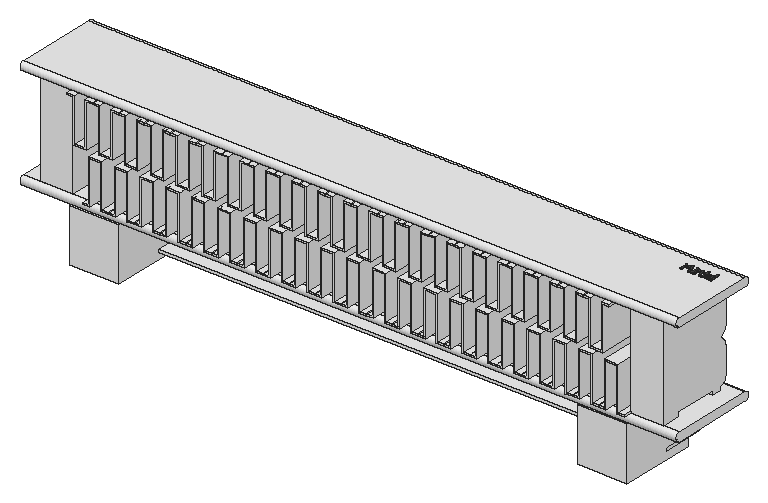
Revit family "Runtal-R2F-1", category Mechanical Equipment, host Face, Revit 2026 (continued)
Definition of nested family "Family Grilles"
  Automatic sketch dimensions
    radius of curve 30 = 1.270 mm
    radius of curve 31 = 1.270 mm
    radius of curve 32 = 1.270 mm
    radius of curve 33 = 1.270 mm
    radius of curve 34 = 1.270 mm
    radius of curve 35 = 1.270 mm
    radius of curve 36 = 1.270 mm
    radius of curve 37 = 1.270 mm
    radius of curve 38 = 1.270 mm
    radius of curve 39 = 1.270 mm
    radius of curve 40 = 1.270 mm
    radius of curve 41 = 1.270 mm
    radius of curve 42 = 1.270 mm
    radius of curve 43 = 1.270 mm
    radius of curve 44 = 1.270 mm
    radius of curve 45 = 1.270 mm
    radius of curve 46 = 1.270 mm
    radius of curve 47 = 1.270 mm
    radius of curve 48 = 1.270 mm
    radius of curve 49 = 1.270 mm
    radius of curve 50 = 1.270 mm
    radius of curve 51 = 1.270 mm
    radius of curve 52 = 1.270 mm
    radius of curve 53 = 1.270 mm
    radius of curve 54 = 1.270 mm
    radius of curve 55 = 1.270 mm
    radius of curve 56 = 1.270 mm
    radius of curve 57 = 1.270 mm
    radius of curve 58 = 1.270 mm
    radius of curve 59 = 1.270 mm
    radius of curve 60 = 1.270 mm
    radius of curve 61 = 1.270 mm
    radius of curve 62 = 1.270 mm
    radius of curve 63 = 1.270 mm
    radius of curve 64 = 1.270 mm
    radius of curve 65 = 1.270 mm
    radius of curve 66 = 1.270 mm
    radius of curve 67 = 1.270 mm
    radius of curve 68 = 1.270 mm
    radius of curve 69 = 1.270 mm
    radius of curve 70 = 1.270 mm
    radius of curve 71 = 1.270 mm
    radius of curve 72 = 1.270 mm
    radius of curve 73 = 1.270 mm
    radius of curve 74 = 1.270 mm
    radius of curve 75 = 1.270 mm
    radius of curve 76 = 1.270 mm
    radius of curve 77 = 1.270 mm
    radius of curve 78 = 1.270 mm
    radius of curve 79 = 1.270 mm
    radius of curve 80 = 1.270 mm
    radius of curve 81 = 1.270 mm
    radius of curve 82 = 1.270 mm
    radius of curve 83 = 1.270 mm
    radius of curve 84 = 1.270 mm
    radius of curve 85 = 1.270 mm
    radius of curve 86 = 1.270 mm
    radius of curve 87 = 1.270 mm
    radius of curve 88 = 1.270 mm
    radius of curve 89 = 1.270 mm
    radius of curve 90 = 1.270 mm
    radius of curve 91 = 1.270 mm
    radius of curve 92 = 1.270 mm
    radius of curve 93 = 1.270 mm
    radius of curve 94 = 1.270 mm
    radius of curve 95 = 1.270 mm
    radius of curve 96 = 1.270 mm
    radius of curve 97 = 1.270 mm
    radius of curve 98 = 1.270 mm
    radius of curve 99 = 1.270 mm
    radius of curve 100 = 1.270 mm
    radius of curve 101 = 1.270 mm
    radius of curve 102 = 1.270 mm
    radius of curve 103 = 1.270 mm
    radius of curve 104 = 1.270 mm
    radius of curve 105 = 1.270 mm
    radius of curve 106 = 1.270 mm
    radius of curve 107 = 1.270 mm
    radius of curve 108 = 1.270 mm
    radius of curve 109 = 1.270 mm
    radius of curve 110 = 1.270 mm
    radius of curve 111 = 1.270 mm
    radius of curve 112 = 1.270 mm
    radius of curve 113 = 1.270 mm
    radius of curve 114 = 1.270 mm
    radius of curve 115 = 1.270 mm
    radius of curve 116 = 1.270 mm
    radius of curve 117 = 1.270 mm
    radius of curve 118 = 1.270 mm
    radius of curve 119 = 1.270 mm
    radius of curve 120 = 1.270 mm
    radius of curve 121 = 1.270 mm
    radius of curve 122 = 1.270 mm
    radius of curve 123 = 1.270 mm
    radius of curve 124 = 1.270 mm
    radius of curve 125 = 1.270 mm
    radius of curve 126 = 1.270 mm
    radius of curve 127 = 1.270 mm
    radius of curve 128 = 1.270 mm
    radius of curve 129 = 1.270 mm
    radius of curve 130 = 1.270 mm
    radius of curve 131 = 1.270 mm
    radius of curve 132 = 1.270 mm
    radius of curve 133 = 1.270 mm
    radius of curve 134 = 1.270 mm
    radius of curve 135 = 1.270 mm
    radius of curve 136 = 1.270 mm
    radius of curve 137 = 1.270 mm
    radius of curve 138 = 1.270 mm
    radius of curve 139 = 1.270 mm
    radius of curve 140 = 1.270 mm
    radius of curve 141 = 1.270 mm
    radius of curve 142 = 1.270 mm
    radius of curve 143 = 1.270 mm
    radius of curve 144 = 1.270 mm
    radius of curve 145 = 1.270 mm
    radius of curve 146 = 1.270 mm
    radius of curve 147 = 1.270 mm
    radius of curve 148 = 1.270 mm
    radius of curve 149 = 1.270 mm
    radius of curve 150 = 1.270 mm
    radius of curve 151 = 1.270 mm
    radius of curve 152 = 1.270 mm
    radius of curve 153 = 1.270 mm
    radius of curve 154 = 1.270 mm
    radius of curve 155 = 1.270 mm
    radius of curve 156 = 1.270 mm
    radius of curve 157 = 1.270 mm
    radius of curve 158 = 1.270 mm
    radius of curve 159 = 1.270 mm
    radius of curve 160 = 1.270 mm
    radius of curve 161 = 1.270 mm
    radius of curve 162 = 1.270 mm
    radius of curve 163 = 1.270 mm
    radius of curve 164 = 1.270 mm
    radius of curve 165 = 1.270 mm
    radius of curve 166 = 1.270 mm
    radius of curve 167 = 1.270 mm
    radius of curve 168 = 1.270 mm
    radius of curve 169 = 1.270 mm
    radius of curve 170 = 1.270 mm
    radius of curve 171 = 1.270 mm
    radius of curve 172 = 1.270 mm
    radius of curve 173 = 1.270 mm
    radius of curve 174 = 1.270 mm
    radius of curve 175 = 1.270 mm
    radius of curve 176 = 1.270 mm
    radius of curve 177 = 1.270 mm
    radius of curve 178 = 1.270 mm
    radius of curve 179 = 1.270 mm
    radius of curve 180 = 1.270 mm
    radius of curve 181 = 1.270 mm
    radius of curve 182 = 1.270 mm
    radius of curve 183 = 1.270 mm
    radius of curve 184 = 1.270 mm
    radius of curve 185 = 1.270 mm
    radius of curve 186 = 1.270 mm
    radius of curve 187 = 1.270 mm
    radius of curve 188 = 1.270 mm
    radius of curve 189 = 1.270 mm
    radius of curve 190 = 1.270 mm
    radius of curve 191 = 1.270 mm
    radius of curve 192 = 1.270 mm
    radius of curve 193 = 1.270 mm
    radius of curve 194 = 1.270 mm
    radius of curve 195 = 1.270 mm
    radius of curve 196 = 1.270 mm
    radius of curve 197 = 1.270 mm
    radius of curve 198 = 1.270 mm
    radius of curve 199 = 1.270 mm
    radius of curve 200 = 1.270 mm
    radius of curve 201 = 1.270 mm
    radius of curve 202 = 1.270 mm
    radius of curve 203 = 1.270 mm
    radius of curve 204 = 1.270 mm
    radius of curve 205 = 1.270 mm
    radius of curve 206 = 1.270 mm
    radius of curve 207 = 1.270 mm
    radius of curve 208 = 1.270 mm
    radius of curve 209 = 1.270 mm
    radius of curve 210 = 1.270 mm
    radius of curve 211 = 1.270 mm
    radius of curve 212 = 1.270 mm
    radius of curve 213 = 1.270 mm
    radius of curve 214 = 1.270 mm
    radius of curve 215 = 1.270 mm
    radius of curve 216 = 1.270 mm
    radius of curve 217 = 1.270 mm
    radius of curve 218 = 1.270 mm
    radius of curve 219 = 1.270 mm
    radius of curve 220 = 1.270 mm
    radius of curve 221 = 1.270 mm
    radius of curve 222 = 1.270 mm
    radius of curve 223 = 1.270 mm
    radius of curve 224 = 1.270 mm
    radius of curve 225 = 1.270 mm
    radius of curve 226 = 1.270 mm
    radius of curve 227 = 1.270 mm
    radius of curve 228 = 1.270 mm
    radius of curve 229 = 1.270 mm
    radius of curve 230 = 1.270 mm
    radius of curve 231 = 1.270 mm
    radius of curve 232 = 1.270 mm
    radius of curve 233 = 1.270 mm
    radius of curve 234 = 1.270 mm
    radius of curve 235 = 1.270 mm
    radius of curve 236 = 1.270 mm
    radius of curve 237 = 1.270 mm
    radius of curve 238 = 1.270 mm
    radius of curve 239 = 1.270 mm
    radius of curve 240 = 1.270 mm
    radius of curve 241 = 1.270 mm
    radius of curve 242 = 1.270 mm
    radius of curve 243 = 1.270 mm
    radius of curve 244 = 1.270 mm
    radius of curve 245 = 1.270 mm
    radius of curve 246 = 1.270 mm
    radius of curve 247 = 1.270 mm
    radius of curve 248 = 1.270 mm
    radius of curve 249 = 1.270 mm
    radius of curve 250 = 1.270 mm
    radius of curve 251 = 1.270 mm
    radius of curve 252 = 1.270 mm
    radius of curve 253 = 1.270 mm
    radius of curve 254 = 1.270 mm
    radius of curve 255 = 1.270 mm
    radius of curve 256 = 1.270 mm
    radius of curve 257 = 1.270 mm
    radius of curve 258 = 1.270 mm
    radius of curve 259 = 1.270 mm
    radius of curve 260 = 1.270 mm
    radius of curve 261 = 1.270 mm
    radius of curve 262 = 1.270 mm
    radius of curve 263 = 1.270 mm
    radius of curve 264 = 1.270 mm
    radius of curve 265 = 1.270 mm
    radius of curve 266 = 1.270 mm
    radius of curve 267 = 1.270 mm
    radius of curve 268 = 1.270 mm
    radius of curve 269 = 1.270 mm
    radius of curve 270 = 1.270 mm
    radius of curve 271 = 1.270 mm
    radius of curve 272 = 1.270 mm
    radius of curve 273 = 1.270 mm
    radius of curve 274 = 1.270 mm
    radius of curve 275 = 1.270 mm
    radius of curve 276 = 1.270 mm
    radius of curve 277 = 1.270 mm
    radius of curve 278 = 1.270 mm
    radius of curve 279 = 1.270 mm
    radius of curve 280 = 1.270 mm
    radius of curve 281 = 1.270 mm
    radius of curve 282 = 1.270 mm
    radius of curve 283 = 1.270 mm
    radius of curve 284 = 1.270 mm
    radius of curve 285 = 1.270 mm
    radius of curve 286 = 1.270 mm
    radius of curve 287 = 1.270 mm
    radius of curve 288 = 1.270 mm
    radius of curve 289 = 1.270 mm
    radius of curve 290 = 1.270 mm
    radius of curve 291 = 1.270 mm
    radius of curve 292 = 1.270 mm
    radius of curve 293 = 1.270 mm
    radius of curve 294 = 1.270 mm
    radius of curve 295 = 1.270 mm
    radius of curve 296 = 1.270 mm
    radius of curve 297 = 1.270 mm
    radius of curve 298 = 1.270 mm
    radius of curve 299 = 1.270 mm
    radius of curve 300 = 1.270 mm
    radius of curve 301 = 1.270 mm
    radius of curve 302 = 1.270 mm
    radius of curve 303 = 1.270 mm
    radius of curve 304 = 1.270 mm
    radius of curve 305 = 1.270 mm
    radius of curve 306 = 1.270 mm
    radius of curve 307 = 1.270 mm
    radius of curve 308 = 1.270 mm
    radius of curve 309 = 1.270 mm
    radius of curve 310 = 1.270 mm
    radius of curve 311 = 1.270 mm
    radius of curve 312 = 1.270 mm
    radius of curve 313 = 1.270 mm
    radius of curve 314 = 1.270 mm
    radius of curve 315 = 1.270 mm
    radius of curve 316 = 1.270 mm
    radius of curve 317 = 1.270 mm
    radius of curve 318 = 1.270 mm
    radius of curve 319 = 1.270 mm
    radius of curve 320 = 1.270 mm
    radius of curve 321 = 1.270 mm
    radius of curve 322 = 1.270 mm
    radius of curve 323 = 1.270 mm
    radius of curve 324 = 1.270 mm
    radius of curve 325 = 1.270 mm
    radius of curve 326 = 1.270 mm
    radius of curve 327 = 1.270 mm
    radius of curve 328 = 1.270 mm
    radius of curve 329 = 1.270 mm
    radius of curve 330 = 1.270 mm
    radius of curve 331 = 1.270 mm
    radius of curve 332 = 1.270 mm
    radius of curve 333 = 1.270 mm
    radius of curve 334 = 1.270 mm
    radius of curve 335 = 1.270 mm
    radius of curve 336 = 1.270 mm
    radius of curve 337 = 1.270 mm
    radius of curve 338 = 1.270 mm
    radius of curve 339 = 1.270 mm
    radius of curve 340 = 1.270 mm
    radius of curve 341 = 1.270 mm
    radius of curve 342 = 1.270 mm
    radius of curve 343 = 1.270 mm
    radius of curve 344 = 1.270 mm
    radius of curve 345 = 1.270 mm
    radius of curve 346 = 1.270 mm
    radius of curve 347 = 1.270 mm
    radius of curve 348 = 1.270 mm
    radius of curve 349 = 1.270 mm
    radius of curve 350 = 1.270 mm
    radius of curve 351 = 1.270 mm
    radius of curve 352 = 1.270 mm
    radius of curve 353 = 1.270 mm
    radius of curve 354 = 1.270 mm
    radius of curve 355 = 1.270 mm
    radius of curve 356 = 1.270 mm
    radius of curve 357 = 1.270 mm
    radius of curve 358 = 1.270 mm
    radius of curve 359 = 1.270 mm
    radius of curve 360 = 1.270 mm
    radius of curve 361 = 1.270 mm
    radius of curve 362 = 1.270 mm
    radius of curve 363 = 1.270 mm
    radius of curve 364 = 1.270 mm
    radius of curve 365 = 1.270 mm
    radius of curve 366 = 1.270 mm
    radius of curve 367 = 1.270 mm
    radius of curve 368 = 1.270 mm
    radius of curve 369 = 1.270 mm
    radius of curve 370 = 1.270 mm
    radius of curve 371 = 1.270 mm
    radius of curve 372 = 1.270 mm
    radius of curve 373 = 1.270 mm
    radius of curve 374 = 1.270 mm
    radius of curve 375 = 1.270 mm
    radius of curve 376 = 1.270 mm
    radius of curve 377 = 1.270 mm
    radius of curve 378 = 1.270 mm
    radius of curve 379 = 1.270 mm
    radius of curve 380 = 1.270 mm
    radius of curve 381 = 1.270 mm
    radius of curve 382 = 1.270 mm
    radius of curve 383 = 1.270 mm
    radius of curve 384 = 1.270 mm
    radius of curve 385 = 1.270 mm
    radius of curve 386 = 1.270 mm
    radius of curve 387 = 1.270 mm
    radius of curve 388 = 1.270 mm
    radius of curve 389 = 1.270 mm
    radius of curve 390 = 1.270 mm
    radius of curve 391 = 1.270 mm
    radius of curve 392 = 1.270 mm
    radius of curve 393 = 1.270 mm
    radius of curve 394 = 1.270 mm
    radius of curve 395 = 1.270 mm
    radius of curve 396 = 1.270 mm
    radius of curve 397 = 1.270 mm
    radius of curve 398 = 1.270 mm
    radius of curve 399 = 1.270 mm
    radius of curve 400 = 1.270 mm
    radius of curve 401 = 1.270 mm
    radius of curve 402 = 1.270 mm
    radius of curve 403 = 1.270 mm
    radius of curve 404 = 1.270 mm
    radius of curve 405 = 1.270 mm
    radius of curve 406 = 1.270 mm
    radius of curve 407 = 1.270 mm
    radius of curve 408 = 1.270 mm
    radius of curve 409 = 1.270 mm
    radius of curve 410 = 1.270 mm
    radius of curve 411 = 1.270 mm
    radius of curve 412 = 1.270 mm
    radius of curve 413 = 1.270 mm
    radius of curve 414 = 1.270 mm
    radius of curve 415 = 1.270 mm
    radius of curve 416 = 1.270 mm
    radius of curve 417 = 1.270 mm
    radius of curve 418 = 1.270 mm
    radius of curve 419 = 1.270 mm
    radius of curve 420 = 1.270 mm
    radius of curve 421 = 1.270 mm
    radius of curve 422 = 1.270 mm
    radius of curve 423 = 1.270 mm
    radius of curve 424 = 1.270 mm
    radius of curve 425 = 1.270 mm
    radius of curve 426 = 1.270 mm
    radius of curve 427 = 1.270 mm
    radius of curve 428 = 1.270 mm
    radius of curve 429 = 1.270 mm
    radius of curve 430 = 1.270 mm
    radius of curve 431 = 1.270 mm
    radius of curve 432 = 1.270 mm
    radius of curve 433 = 1.270 mm
    radius of curve 434 = 1.270 mm
    radius of curve 435 = 1.270 mm
    radius of curve 436 = 1.270 mm
    radius of curve 437 = 1.270 mm
    radius of curve 438 = 1.270 mm
    radius of curve 439 = 1.270 mm
    radius of curve 440 = 1.270 mm
    radius of curve 441 = 1.270 mm
    radius of curve 442 = 1.270 mm
    radius of curve 443 = 1.270 mm
    radius of curve 444 = 1.270 mm
    radius of curve 445 = 1.270 mm
    radius of curve 446 = 1.270 mm
    radius of curve 447 = 1.270 mm
    radius of curve 448 = 1.270 mm
    radius of curve 449 = 1.270 mm
    radius of curve 450 = 1.270 mm
    radius of curve 451 = 1.270 mm
    radius of curve 452 = 1.270 mm
    radius of curve 453 = 1.270 mm
    radius of curve 454 = 1.270 mm
    radius of curve 455 = 1.270 mm
    radius of curve 456 = 1.270 mm
    radius of curve 457 = 1.270 mm
    radius of curve 458 = 1.270 mm
    radius of curve 459 = 1.270 mm
    radius of curve 460 = 1.270 mm
    radius of curve 461 = 1.270 mm
    radius of curve 462 = 1.270 mm
    radius of curve 463 = 1.270 mm
    radius of curve 464 = 1.270 mm
    radius of curve 465 = 1.270 mm
    radius of curve 466 = 1.270 mm
    radius of curve 467 = 1.270 mm
    radius of curve 468 = 1.270 mm
    radius of curve 469 = 1.270 mm
    radius of curve 470 = 1.270 mm
    radius of curve 471 = 1.270 mm
    radius of curve 472 = 1.270 mm
    radius of curve 473 = 1.270 mm
    radius of curve 474 = 1.270 mm
    radius of curve 475 = 1.270 mm
    radius of curve 476 = 1.270 mm
    radius of curve 477 = 1.270 mm
    radius of curve 478 = 1.270 mm
    radius of curve 479 = 1.270 mm
    radius of curve 480 = 1.270 mm
    radius of curve 481 = 1.270 mm
    radius of curve 482 = 1.270 mm
    radius of curve 483 = 1.270 mm
    radius of curve 484 = 1.270 mm
    radius of curve 485 = 1.270 mm
    radius of curve 486 = 1.270 mm
    radius of curve 487 = 1.270 mm
    radius of curve 488 = 1.270 mm
    radius of curve 489 = 1.270 mm
    radius of curve 490 = 1.270 mm
    radius of curve 491 = 1.270 mm
    radius of curve 492 = 1.270 mm
    radius of curve 493 = 1.270 mm
    radius of curve 494 = 1.270 mm
    radius of curve 495 = 1.270 mm
    radius of curve 496 = 1.270 mm
    radius of curve 497 = 1.270 mm
    radius of curve 498 = 1.270 mm
    radius of curve 499 = 1.270 mm
    radius of curve 500 = 1.270 mm
    radius of curve 501 = 1.270 mm
    radius of curve 502 = 1.270 mm
    radius of curve 503 = 1.270 mm
    radius of curve 504 = 1.270 mm
    radius of curve 505 = 1.270 mm
    radius of curve 506 = 1.270 mm
    radius of curve 507 = 1.270 mm
    radius of curve 508 = 1.270 mm
    radius of curve 509 = 1.270 mm
    radius of curve 510 = 1.270 mm
    radius of curve 511 = 1.270 mm
    radius of curve 512 = 1.270 mm
    radius of curve 513 = 1.270 mm
Definition of nested family "Family Back Grilles"
  Parameters
    finLength = 431.800 mm
    Right# = ((finLength - 10.160 mm) / (5.080 mm)) + 1  # 84
    Left# = ((finLength - 7.620 mm) / (5.080 mm)) + 1  # 85
    Default Elevation = 1219.200 mm
  Reference planes
    plane 1 "Center (Front/Back)": y = 0
    plane 2: z = 0
    plane 3 "Center (Left/Right)": x = 0
    plane 4: x = 431.8
  Forms (mm)
    Extrusion 1, solid
      sketch origin (0, 0, 0) x (1, 0, 0) y (0, 1, 0)
        loop
          line (-1219.2, 1219.2) -> (-1219.2, -1219.2) -> (1219.2, -1219.2) -> (1219.2, 1219.2) -> (-1219.2, 1219.2)
      from 0 to -304.8
  Lines and regions (mm)
    model lines
      curve 1: circle (2.54, 5.715, 0) r 1.27 normal (0, 0, 1)
      curve 2: circle (5.08, 1.27, 0) r 1.27 normal (0, 0, 1)
      curve 5: circle (7.62, 5.715, 0) r 1.27 normal (0, 0, 1)
      curve 6: circle (10.16, 1.27, 0) r 1.27 normal (0, 0, 1)
      curve 7: circle (15.24, 1.27, 0) r 1.27 normal (0, 0, 1)
      curve 8: circle (20.32, 1.27, 0) r 1.27 normal (0, 0, 1)
      curve 9: circle (12.7, 5.715, 0) r 1.27 normal (0, 0, 1)
      curve 10: circle (17.78, 5.715, 0) r 1.27 normal (0, 0, 1)
      curve 11: circle (22.86, 5.715, 0) r 1.27 normal (0, 0, 1)
      curve 12: circle (27.94, 5.715, 0) r 1.27 normal (0, 0, 1)
      curve 13: circle (33.02, 5.715, 0) r 1.27 normal (0, 0, 1)
      curve 14: circle (38.1, 5.715, 0) r 1.27 normal (0, 0, 1)
      curve 15: circle (43.18, 5.715, 0) r 1.27 normal (0, 0, 1)
      curve 16: circle (48.26, 5.715, 0) r 1.27 normal (0, 0, 1)
      curve 17: circle (53.34, 5.715, 0) r 1.27 normal (0, 0, 1)
      curve 18: circle (58.42, 5.715, 0) r 1.27 normal (0, 0, 1)
      curve 19: circle (63.5, 5.715, 0) r 1.27 normal (0, 0, 1)
      curve 20: circle (68.58, 5.715, 0) r 1.27 normal (0, 0, 1)
      curve 21: circle (73.66, 5.715, 0) r 1.27 normal (0, 0, 1)
      curve 22: circle (78.74, 5.715, 0) r 1.27 normal (0, 0, 1)
      curve 23: circle (83.82, 5.715, 0) r 1.27 normal (0, 0, 1)
      curve 24: circle (88.9, 5.715, 0) r 1.27 normal (0, 0, 1)
      curve 25: circle (93.98, 5.715, 0) r 1.27 normal (0, 0, 1)
      curve 26: circle (99.06, 5.715, 0) r 1.27 normal (0, 0, 1)
      curve 27: circle (104.14, 5.715, 0) r 1.27 normal (0, 0, 1)
      curve 28: circle (109.22, 5.715, 0) r 1.27 normal (0, 0, 1)
      curve 29: circle (114.3, 5.715, 0) r 1.27 normal (0, 0, 1)
      curve 30: circle (119.38, 5.715, 0) r 1.27 normal (0, 0, 1)
      curve 31: circle (124.46, 5.715, 0) r 1.27 normal (0, 0, 1)
      curve 32: circle (129.54, 5.715, 0) r 1.27 normal (0, 0, 1)
      curve 33: circle (134.62, 5.715, 0) r 1.27 normal (0, 0, 1)
      curve 34: circle (139.7, 5.715, 0) r 1.27 normal (0, 0, 1)
      curve 35: circle (144.78, 5.715, 0) r 1.27 normal (0, 0, 1)
      curve 36: circle (149.86, 5.715, 0) r 1.27 normal (0, 0, 1)
      curve 37: circle (154.94, 5.715, 0) r 1.27 normal (0, 0, 1)
      curve 38: circle (160.02, 5.715, 0) r 1.27 normal (0, 0, 1)
      curve 39: circle (165.1, 5.715, 0) r 1.27 normal (0, 0, 1)
      curve 40: circle (170.18, 5.715, 0) r 1.27 normal (0, 0, 1)
      curve 41: circle (175.26, 5.715, 0) r 1.27 normal (0, 0, 1)
      curve 42: circle (180.34, 5.715, 0) r 1.27 normal (0, 0, 1)
      curve 43: circle (185.42, 5.715, 0) r 1.27 normal (0, 0, 1)
      curve 44: circle (190.5, 5.715, 0) r 1.27 normal (0, 0, 1)
      curve 45: circle (195.58, 5.715, 0) r 1.27 normal (0, 0, 1)
      curve 46: circle (200.66, 5.715, 0) r 1.27 normal (0, 0, 1)
      curve 47: circle (205.74, 5.715, 0) r 1.27 normal (0, 0, 1)
      curve 48: circle (210.82, 5.715, 0) r 1.27 normal (0, 0, 1)
      curve 49: circle (215.9, 5.715, 0) r 1.27 normal (0, 0, 1)
      curve 50: circle (220.98, 5.715, 0) r 1.27 normal (0, 0, 1)
      curve 51: circle (226.06, 5.715, 0) r 1.27 normal (0, 0, 1)
      curve 52: circle (231.14, 5.715, 0) r 1.27 normal (0, 0, 1)
      curve 53: circle (236.22, 5.715, 0) r 1.27 normal (0, 0, 1)
      curve 54: circle (241.3, 5.715, 0) r 1.27 normal (0, 0, 1)
      curve 55: circle (246.38, 5.715, 0) r 1.27 normal (0, 0, 1)
      curve 56: circle (251.46, 5.715, 0) r 1.27 normal (0, 0, 1)
      curve 57: circle (256.54, 5.715, 0) r 1.27 normal (0, 0, 1)
      curve 58: circle (261.62, 5.715, 0) r 1.27 normal (0, 0, 1)
      curve 59: circle (266.7, 5.715, 0) r 1.27 normal (0, 0, 1)
      curve 60: circle (271.78, 5.715, 0) r 1.27 normal (0, 0, 1)
      curve 61: circle (276.86, 5.715, 0) r 1.27 normal (0, 0, 1)
      curve 62: circle (281.94, 5.715, 0) r 1.27 normal (0, 0, 1)
      curve 63: circle (287.02, 5.715, 0) r 1.27 normal (0, 0, 1)
      curve 64: circle (292.1, 5.715, 0) r 1.27 normal (0, 0, 1)
      curve 65: circle (297.18, 5.715, 0) r 1.27 normal (0, 0, 1)
      curve 66: circle (302.26, 5.715, 0) r 1.27 normal (0, 0, 1)
      curve 67: circle (307.34, 5.715, 0) r 1.27 normal (0, 0, 1)
      curve 68: circle (312.42, 5.715, 0) r 1.27 normal (0, 0, 1)
      curve 69: circle (317.5, 5.715, 0) r 1.27 normal (0, 0, 1)
      curve 70: circle (322.58, 5.715, 0) r 1.27 normal (0, 0, 1)
      curve 71: circle (327.66, 5.715, 0) r 1.27 normal (0, 0, 1)
      curve 72: circle (332.74, 5.715, 0) r 1.27 normal (0, 0, 1)
      curve 73: circle (337.82, 5.715, 0) r 1.27 normal (0, 0, 1)
      curve 74: circle (342.9, 5.715, 0) r 1.27 normal (0, 0, 1)
      curve 75: circle (347.98, 5.715, 0) r 1.27 normal (0, 0, 1)
      curve 76: circle (353.06, 5.715, 0) r 1.27 normal (0, 0, 1)
      curve 77: circle (358.14, 5.715, 0) r 1.27 normal (0, 0, 1)
      curve 78: circle (363.22, 5.715, 0) r 1.27 normal (0, 0, 1)
      curve 79: circle (368.3, 5.715, 0) r 1.27 normal (0, 0, 1)
      curve 80: circle (373.38, 5.715, 0) r 1.27 normal (0, 0, 1)
      curve 81: circle (378.46, 5.715, 0) r 1.27 normal (0, 0, 1)
      curve 82: circle (383.54, 5.715, 0) r 1.27 normal (0, 0, 1)
      curve 83: circle (388.62, 5.715, 0) r 1.27 normal (0, 0, 1)
      curve 84: circle (393.7, 5.715, 0) r 1.27 normal (0, 0, 1)
      curve 85: circle (398.78, 5.715, 0) r 1.27 normal (0, 0, 1)
      curve 86: circle (403.86, 5.715, 0) r 1.27 normal (0, 0, 1)
      curve 87: circle (408.94, 5.715, 0) r 1.27 normal (0, 0, 1)
      curve 88: circle (414.02, 5.715, 0) r 1.27 normal (0, 0, 1)
      curve 89: circle (419.1, 5.715, 0) r 1.27 normal (0, 0, 1)
      curve 90: circle (424.18, 5.715, 0) r 1.27 normal (0, 0, 1)
      curve 91: circle (429.26, 5.715, 0) r 1.27 normal (0, 0, 1)
      curve 92: circle (25.4, 1.27, 0) r 1.27 normal (0, 0, 1)
      curve 93: circle (30.48, 1.27, 0) r 1.27 normal (0, 0, 1)
      curve 94: circle (35.56, 1.27, 0) r 1.27 normal (0, 0, 1)
      curve 95: circle (40.64, 1.27, 0) r 1.27 normal (0, 0, 1)
      curve 96: circle (45.72, 1.27, 0) r 1.27 normal (0, 0, 1)
      curve 97: circle (50.8, 1.27, 0) r 1.27 normal (0, 0, 1)
      curve 98: circle (55.88, 1.27, 0) r 1.27 normal (0, 0, 1)
      curve 99: circle (60.96, 1.27, 0) r 1.27 normal (0, 0, 1)
      curve 100: circle (66.04, 1.27, 0) r 1.27 normal (0, 0, 1)
      curve 101: circle (71.12, 1.27, 0) r 1.27 normal (0, 0, 1)
      curve 102: circle (76.2, 1.27, 0) r 1.27 normal (0, 0, 1)
      curve 103: circle (81.28, 1.27, 0) r 1.27 normal (0, 0, 1)
      curve 104: circle (86.36, 1.27, 0) r 1.27 normal (0, 0, 1)
      curve 105: circle (91.44, 1.27, 0) r 1.27 normal (0, 0, 1)
      curve 106: circle (96.52, 1.27, 0) r 1.27 normal (0, 0, 1)
      curve 107: circle (101.6, 1.27, 0) r 1.27 normal (0, 0, 1)
      curve 108: circle (106.68, 1.27, 0) r 1.27 normal (0, 0, 1)
      curve 109: circle (111.76, 1.27, 0) r 1.27 normal (0, 0, 1)
      curve 110: circle (116.84, 1.27, 0) r 1.27 normal (0, 0, 1)
      curve 111: circle (121.92, 1.27, 0) r 1.27 normal (0, 0, 1)
      curve 112: circle (127, 1.27, 0) r 1.27 normal (0, 0, 1)
      curve 113: circle (132.08, 1.27, 0) r 1.27 normal (0, 0, 1)
      curve 114: circle (137.16, 1.27, 0) r 1.27 normal (0, 0, 1)
      curve 115: circle (142.24, 1.27, 0) r 1.27 normal (0, 0, 1)
      curve 116: circle (147.32, 1.27, 0) r 1.27 normal (0, 0, 1)
      curve 117: circle (152.4, 1.27, 0) r 1.27 normal (0, 0, 1)
      curve 118: circle (157.48, 1.27, 0) r 1.27 normal (0, 0, 1)
      curve 119: circle (162.56, 1.27, 0) r 1.27 normal (0, 0, 1)
      curve 120: circle (167.64, 1.27, 0) r 1.27 normal (0, 0, 1)
      curve 121: circle (172.72, 1.27, 0) r 1.27 normal (0, 0, 1)
      curve 122: circle (177.8, 1.27, 0) r 1.27 normal (0, 0, 1)
      curve 123: circle (182.88, 1.27, 0) r 1.27 normal (0, 0, 1)
      curve 124: circle (187.96, 1.27, 0) r 1.27 normal (0, 0, 1)
      curve 125: circle (193.04, 1.27, 0) r 1.27 normal (0, 0, 1)
      curve 126: circle (198.12, 1.27, 0) r 1.27 normal (0, 0, 1)
      curve 127: circle (203.2, 1.27, 0) r 1.27 normal (0, 0, 1)
      curve 128: circle (208.28, 1.27, 0) r 1.27 normal (0, 0, 1)
      curve 129: circle (213.36, 1.27, 0) r 1.27 normal (0, 0, 1)
      curve 130: circle (218.44, 1.27, 0) r 1.27 normal (0, 0, 1)
      curve 131: circle (223.52, 1.27, 0) r 1.27 normal (0, 0, 1)
      curve 132: circle (228.6, 1.27, 0) r 1.27 normal (0, 0, 1)
      curve 133: circle (233.68, 1.27, 0) r 1.27 normal (0, 0, 1)
      curve 134: circle (238.76, 1.27, 0) r 1.27 normal (0, 0, 1)
      curve 135: circle (243.84, 1.27, 0) r 1.27 normal (0, 0, 1)
      curve 136: circle (248.92, 1.27, 0) r 1.27 normal (0, 0, 1)
      curve 137: circle (254, 1.27, 0) r 1.27 normal (0, 0, 1)
      curve 138: circle (259.08, 1.27, 0) r 1.27 normal (0, 0, 1)
      curve 139: circle (264.16, 1.27, 0) r 1.27 normal (0, 0, 1)
      curve 140: circle (269.24, 1.27, 0) r 1.27 normal (0, 0, 1)
      curve 141: circle (274.32, 1.27, 0) r 1.27 normal (0, 0, 1)
      curve 142: circle (279.4, 1.27, 0) r 1.27 normal (0, 0, 1)
      curve 143: circle (284.48, 1.27, 0) r 1.27 normal (0, 0, 1)
      curve 144: circle (289.56, 1.27, 0) r 1.27 normal (0, 0, 1)
      curve 145: circle (294.64, 1.27, 0) r 1.27 normal (0, 0, 1)
      curve 146: circle (299.72, 1.27, 0) r 1.27 normal (0, 0, 1)
      curve 147: circle (304.8, 1.27, 0) r 1.27 normal (0, 0, 1)
      curve 148: circle (309.88, 1.27, 0) r 1.27 normal (0, 0, 1)
      curve 149: circle (314.96, 1.27, 0) r 1.27 normal (0, 0, 1)
      curve 150: circle (320.04, 1.27, 0) r 1.27 normal (0, 0, 1)
      curve 151: circle (325.12, 1.27, 0) r 1.27 normal (0, 0, 1)
      curve 152: circle (330.2, 1.27, 0) r 1.27 normal (0, 0, 1)
      curve 153: circle (335.28, 1.27, 0) r 1.27 normal (0, 0, 1)
      curve 154: circle (340.36, 1.27, 0) r 1.27 normal (0, 0, 1)
      curve 155: circle (345.44, 1.27, 0) r 1.27 normal (0, 0, 1)
      curve 156: circle (350.52, 1.27, 0) r 1.27 normal (0, 0, 1)
      curve 157: circle (355.6, 1.27, 0) r 1.27 normal (0, 0, 1)
      curve 158: circle (360.68, 1.27, 0) r 1.27 normal (0, 0, 1)
      curve 159: circle (365.76, 1.27, 0) r 1.27 normal (0, 0, 1)
      curve 160: circle (370.84, 1.27, 0) r 1.27 normal (0, 0, 1)
      curve 161: circle (375.92, 1.27, 0) r 1.27 normal (0, 0, 1)
      curve 162: circle (381, 1.27, 0) r 1.27 normal (0, 0, 1)
      curve 163: circle (386.08, 1.27, 0) r 1.27 normal (0, 0, 1)
      curve 164: circle (391.16, 1.27, 0) r 1.27 normal (0, 0, 1)
      curve 165: circle (396.24, 1.27, 0) r 1.27 normal (0, 0, 1)
      curve 166: circle (401.32, 1.27, 0) r 1.27 normal (0, 0, 1)
      curve 167: circle (406.4, 1.27, 0) r 1.27 normal (0, 0, 1)
      curve 168: circle (411.48, 1.27, 0) r 1.27 normal (0, 0, 1)
      curve 169: circle (416.56, 1.27, 0) r 1.27 normal (0, 0, 1)
      curve 170: circle (421.64, 1.27, 0) r 1.27 normal (0, 0, 1)
      curve 171: circle (426.72, 1.27, 0) r 1.27 normal (0, 0, 1)
    model lines, not visible
      curve 3: circle (2.54, 5.715, 0) r 1.27 normal (0, 0, 1)
      curve 4: circle (5.08, 1.27, 0) r 1.27 normal (0, 0, 1)
  Dimensions and locks
    "finLength": plane 3 "Center (Left/Right)" to plane 4
    equal spacing: group 1, group 5, group 9, group 10, group 11, group 12, group 13, group 14, group 15, group 16, group 17, group 18, group 19, group 20, group 21, group 22, group 23, group 24, group 25, group 26, group 27, group 28, group 29, group 30, group 31, group 32, group 33, group 34, group 35, group 36, group 37, group 38, group 39, group 40, group 41, group 42, group 43, group 44, group 45, group 46, group 47, group 48, group 49, group 50, group 51, group 52, group 53, group 54, group 55, group 56, group 57, group 58, group 59, group 60, group 61, group 62, group 63, group 64, group 65, group 66, group 67, group 68, group 69, group 70, group 71, group 72, group 73, group 74, group 75, group 76, group 77, group 78, group 79, group 80, group 81, group 82, group 83, group 84, group 85, group 86, group 87, group 88, group 89, group 90, group 91  (x3)
    equal spacing: group 3, group 6, group 7, group 8, group 92, group 93, group 94, group 95, group 96, group 97, group 98, group 99, group 100, group 101, group 102, group 103, group 104, group 105, group 106, group 107, group 108, group 109, group 110, group 111, group 112, group 113, group 114, group 115, group 116, group 117, group 118, group 119, group 120, group 121, group 122, group 123, group 124, group 125, group 126, group 127, group 128, group 129, group 130, group 131, group 132, group 133, group 134, group 135, group 136, group 137, group 138, group 139, group 140, group 141, group 142, group 143, group 144, group 145, group 146, group 147, group 148, group 149, group 150, group 151, group 152, group 153, group 154, group 155, group 156, group 157, group 158, group 159, group 160, group 161, group 162, group 163, group 164, group 165, group 166, group 167, group 168, group 169, group 170, group 171  (x3)
    aligned and locked: plane 2 to Extrusion 1
    aligned and locked: level to Extrusion 1
  Automatic sketch dimensions
    Extrusion 1 sketch curve to Extrusion 1 sketch curve = 2438.400 mm  (x2)
    radius of curve 1 = 1.270 mm
    radius of curve 3 = 1.270 mm
    radius of curve 2 = 1.270 mm
    radius of curve 4 = 1.270 mm
    radius of curve 5 = 1.270 mm
    radius of curve 6 = 1.270 mm
    radius of curve 7 = 1.270 mm
    radius of curve 8 = 1.270 mm
    radius of curve 9 = 1.270 mm
    radius of curve 10 = 1.270 mm
    radius of curve 11 = 1.270 mm
    radius of curve 12 = 1.270 mm
    radius of curve 13 = 1.270 mm
    radius of curve 14 = 1.270 mm
    radius of curve 15 = 1.270 mm
    radius of curve 16 = 1.270 mm
    radius of curve 17 = 1.270 mm
    radius of curve 18 = 1.270 mm
    radius of curve 19 = 1.270 mm
    radius of curve 20 = 1.270 mm
    radius of curve 21 = 1.270 mm
    radius of curve 22 = 1.270 mm
    radius of curve 23 = 1.270 mm
    radius of curve 24 = 1.270 mm
    radius of curve 25 = 1.270 mm
    radius of curve 26 = 1.270 mm
    radius of curve 27 = 1.270 mm
    radius of curve 28 = 1.270 mm
    radius of curve 29 = 1.270 mm
    radius of curve 30 = 1.270 mm
    radius of curve 31 = 1.270 mm
    radius of curve 32 = 1.270 mm
    radius of curve 33 = 1.270 mm
    radius of curve 34 = 1.270 mm
    radius of curve 35 = 1.270 mm
    radius of curve 36 = 1.270 mm
    radius of curve 37 = 1.270 mm
    radius of curve 38 = 1.270 mm
    radius of curve 39 = 1.270 mm
    radius of curve 40 = 1.270 mm
    radius of curve 41 = 1.270 mm
    radius of curve 42 = 1.270 mm
    radius of curve 43 = 1.270 mm
    radius of curve 44 = 1.270 mm
    radius of curve 45 = 1.270 mm
    radius of curve 46 = 1.270 mm
    radius of curve 47 = 1.270 mm
    radius of curve 48 = 1.270 mm
    radius of curve 49 = 1.270 mm
    radius of curve 50 = 1.270 mm
    radius of curve 51 = 1.270 mm
    radius of curve 52 = 1.270 mm
    radius of curve 53 = 1.270 mm
    radius of curve 54 = 1.270 mm
    radius of curve 55 = 1.270 mm
    radius of curve 56 = 1.270 mm
    radius of curve 57 = 1.270 mm
    radius of curve 58 = 1.270 mm
    radius of curve 59 = 1.270 mm
    radius of curve 60 = 1.270 mm
    radius of curve 61 = 1.270 mm
    radius of curve 62 = 1.270 mm
    radius of curve 63 = 1.270 mm
    radius of curve 64 = 1.270 mm
    radius of curve 65 = 1.270 mm
    radius of curve 66 = 1.270 mm
    radius of curve 67 = 1.270 mm
    radius of curve 68 = 1.270 mm
    radius of curve 69 = 1.270 mm
    radius of curve 70 = 1.270 mm
    radius of curve 71 = 1.270 mm
    radius of curve 72 = 1.270 mm
    radius of curve 73 = 1.270 mm
    radius of curve 74 = 1.270 mm
    radius of curve 75 = 1.270 mm
    radius of curve 76 = 1.270 mm
    radius of curve 77 = 1.270 mm
    radius of curve 78 = 1.270 mm
    radius of curve 79 = 1.270 mm
    radius of curve 80 = 1.270 mm
    radius of curve 81 = 1.270 mm
    radius of curve 82 = 1.270 mm
    radius of curve 83 = 1.270 mm
    radius of curve 84 = 1.270 mm
    radius of curve 85 = 1.270 mm
    radius of curve 86 = 1.270 mm
    radius of curve 87 = 1.270 mm
    radius of curve 88 = 1.270 mm
    radius of curve 89 = 1.270 mm
    radius of curve 90 = 1.270 mm
    radius of curve 91 = 1.270 mm
    radius of curve 92 = 1.270 mm
    radius of curve 93 = 1.270 mm
    radius of curve 94 = 1.270 mm
    radius of curve 95 = 1.270 mm
    radius of curve 96 = 1.270 mm
    radius of curve 97 = 1.270 mm
    radius of curve 98 = 1.270 mm
    radius of curve 99 = 1.270 mm
    radius of curve 100 = 1.270 mm
    radius of curve 101 = 1.270 mm
    radius of curve 102 = 1.270 mm
    radius of curve 103 = 1.270 mm
    radius of curve 104 = 1.270 mm
    radius of curve 105 = 1.270 mm
    radius of curve 106 = 1.270 mm
    radius of curve 107 = 1.270 mm
    radius of curve 108 = 1.270 mm
    radius of curve 109 = 1.270 mm
    radius of curve 110 = 1.270 mm
    radius of curve 111 = 1.270 mm
    radius of curve 112 = 1.270 mm
    radius of curve 113 = 1.270 mm
    radius of curve 114 = 1.270 mm
    radius of curve 115 = 1.270 mm
    radius of curve 116 = 1.270 mm
    radius of curve 117 = 1.270 mm
    radius of curve 118 = 1.270 mm
    radius of curve 119 = 1.270 mm
    radius of curve 120 = 1.270 mm
    radius of curve 121 = 1.270 mm
    radius of curve 122 = 1.270 mm
    radius of curve 123 = 1.270 mm
    radius of curve 124 = 1.270 mm
    radius of curve 125 = 1.270 mm
    radius of curve 126 = 1.270 mm
    radius of curve 127 = 1.270 mm
    radius of curve 128 = 1.270 mm
    radius of curve 129 = 1.270 mm
    radius of curve 130 = 1.270 mm
    radius of curve 131 = 1.270 mm
    radius of curve 132 = 1.270 mm
    radius of curve 133 = 1.270 mm
    radius of curve 134 = 1.270 mm
    radius of curve 135 = 1.270 mm
    radius of curve 136 = 1.270 mm
    radius of curve 137 = 1.270 mm
    radius of curve 138 = 1.270 mm
    radius of curve 139 = 1.270 mm
    radius of curve 140 = 1.270 mm
    radius of curve 141 = 1.270 mm
    radius of curve 142 = 1.270 mm
    radius of curve 143 = 1.270 mm
    radius of curve 144 = 1.270 mm
    radius of curve 145 = 1.270 mm
    radius of curve 146 = 1.270 mm
    radius of curve 147 = 1.270 mm
    radius of curve 148 = 1.270 mm
    radius of curve 149 = 1.270 mm
    radius of curve 150 = 1.270 mm
    radius of curve 151 = 1.270 mm
    radius of curve 152 = 1.270 mm
    radius of curve 153 = 1.270 mm
    radius of curve 154 = 1.270 mm
    radius of curve 155 = 1.270 mm
    radius of curve 156 = 1.270 mm
    radius of curve 157 = 1.270 mm
    radius of curve 158 = 1.270 mm
    radius of curve 159 = 1.270 mm
    radius of curve 160 = 1.270 mm
    radius of curve 161 = 1.270 mm
    radius of curve 162 = 1.270 mm
    radius of curve 163 = 1.270 mm
    radius of curve 164 = 1.270 mm
    radius of curve 165 = 1.270 mm
    radius of curve 166 = 1.270 mm
    radius of curve 167 = 1.270 mm
    radius of curve 168 = 1.270 mm
    radius of curve 169 = 1.270 mm
    radius of curve 170 = 1.270 mm
    radius of curve 171 = 1.270 mm
